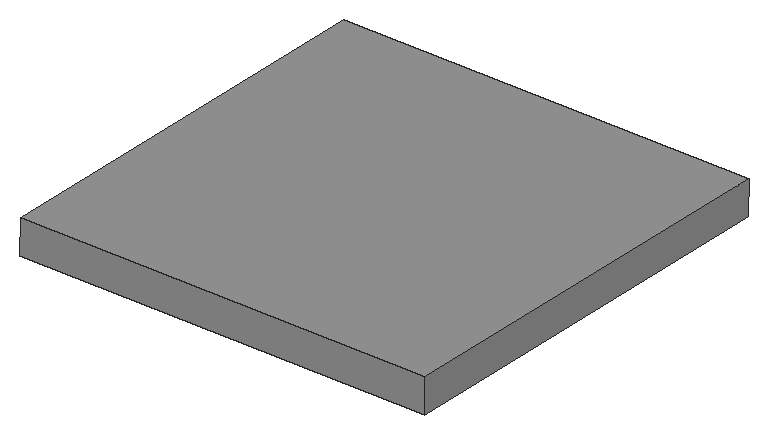
Revit family "HELIOS_33W_4000K_3200LM", category Lighting Fixtures, host Ceiling, Revit 2021
Family settings
  Host = Ceiling
  Round Connector Dimension = Use Diameter
  Part Type = Normal
  OmniClass Number = 23.80.70.11
  OmniClass Title = Luminaries for Internal Lighting
  Always vertical = Yes
  Cut with Voids When Loaded = No
  Light Source = Yes
  Shared = No
  Room Calculation Point = No
Parameters
  Wattage = 21.5427 W
  built-in parameter 1150110 = 1 (stored number, unit not read)
  Type de lampe = "LED Mid Power"
  Type = "Dalle LED"
  built-in parameter 1114217 = 1 (stored number, unit not read)
  Tilt Angle = 90.00°
  built-in parameter 1150109 = 1 (stored number, unit not read)
  built-in parameter 1150134 = 12
  built-in parameter 1150113 = 1 (stored number, unit not read)
  SDCM = "<3"
  Puissance nominale = "33W"
  Photometric Web File = "google_eulumdat_converter (14).ies"
  Matériau = "Acier galvanisé blanc"
  Maintien du flux = "L80B10 (50 000 heures)"
  Lumens = 3200 lm
  built-in parameter 1150115 = 1 (stored number, unit not read)
  built-in parameter 1150105 = 1213.9 (stored number, unit not read)
  built-in parameter 1150137 = (empty or 0)
  built-in parameter 1150139 = (empty or 0)
  built-in parameter 1150112 = 1 (stored number, unit not read)
  built-in parameter 1150114 = 1 (stored number, unit not read)
  built-in parameter 1150132 = 2
  built-in parameter 1150102 = (empty or 0)
  built-in parameter 1150138 = (empty or 0)
  built-in parameter 1150107 = 4000 (stored number, unit not read)
  built-in parameter 1150106 = 12.139 (stored number, unit not read)
  IRC = ">80"
  Emit from Rectangle Width = 609.60 mm
  Emit from Rectangle Length = 1219.20 mm
  Emit Shape Visible in Rendering = no
  built-in parameter 1150104 = 13.8 (stored number, unit not read)
  Durée de vie = "50 000 heures"
  Driver = "Driver Osram"
  Dimming Lamp Color Temperature Shift = <None>
  Dimensions = "596x596x50 mm"
  Diffuseur = "Microprismatique"
  Default Elevation = 0.00 mm
  Color Filter = 16777215
  built-in parameter 1114218 = 1 (stored number, unit not read)
  built-in parameter 1150133 = 10 (stored number, unit not read)
  Angle d'éclairage = "120°"
  Alimentation luminaire = "500 et 700mA"
  Alimentation Driver = "AC 220-240V"
Reference planes
  plane 1 "Light Source Axis (F/B)": y = 0
  plane 2 "Ceiling": z = 2438.4
  plane 3 "Light Source Axis (L/R)": x = 0
  plane 4 "Light Source Elevation": z = 2400.474
Forms (mm)
  Extrusion 1, solid, material "Steel, Galvanized"
    sketch origin (0, 0, 2400.474) x (0, -1, 0) y (1, 0, 0)
      loop
        line (-298, -298) -> (298, -298) -> (298, 298) -> (-298, 298) -> (-298, -298)
    from -12.074 to 37.926
  Extrusion 2, void
    sketch origin (0, 0, 0) x (1, 0, 0) y (0, 0, 1)
      loop
        line (-278, 2374.595) -> (-60, 2374.595) -> (-60, 2423.091) -> (-278, 2404.018) -> (-278, 2374.595)
    from -278 to 278
  Extrusion 3, void
    sketch origin (0, 0, 2400.474) x (0, -1, 0) y (1, 0, 0)
      loop
        line (-278, 0) -> (-278, -38) -> (278, -38) -> (278, 37.81) -> (-278, 37.81) -> (-278, 0)
    from -47.97 to 0
  Extrusion 4, void
    sketch origin (0, 0, 0) x (-1, 0, 0) y (0, 0, -1)
      loop
        line (-278, -2374.595) -> (-278, -2404.018) -> (-60, -2423.091) -> (-60, -2374.595) -> (-278, -2374.595)
    from -278 to 278
  Extrusion 5, void
    sketch origin (0, 0, 0) x (1, 0, 0) y (0, 0, 1)
      loop
        line (-65, 2423.091) -> (-65, 2410.655) -> (64.914, 2410.655) -> (64.914, 2423.091) -> (-65, 2423.091)
    from -278 to 278
Cuts and joins
  Extrusion 2, Extrusion 3, Extrusion 4, Extrusion 5 cuts Extrusion 1
Lines and regions (mm)
  reference lines
    curve 1: line (0, 0, 2400.474) -> (0, 298, 2400.474)
    curve 2: line (0, 298, 2400.474) -> (-298, 298, 2400.474)
    curve 3: line (-298, 298, 2400.474) -> (-298, -298, 2400.474)
    curve 4: line (-298, -298, 2400.474) -> (298, -298, 2400.474)
    curve 5: line (298, -298, 2400.474) -> (298, 298, 2400.474)
    curve 6: line (298, 298, 2400.474) -> (0, 298, 2400.474)
    curve 7: line (0, 0, 2438.4) -> (0, 0, 2388.4)
    curve 8: line (0, 0, 2388.4) -> (25, 0, 2388.4)
    curve 9: line (-298, 298, 2400.474) -> (-298, 278, 2400.474)
    curve 10: line (-298, 278, 2400.474) -> (-238, 278, 2400.474)
    curve 11: line (-298, -298, 2400.474) -> (-298, -278, 2400.474)
    curve 12: line (-298, -278, 2400.474) -> (-268, -278, 2400.474)
    curve 13: line (-298, -298, 2400.474) -> (-278, -298, 2400.474)
    curve 14: line (-278, -298, 2400.474) -> (-278, -278, 2400.474)
Dimensions and locks
  equal spacing: host sketch curve, plane 3 "Light Source Axis (L/R)", host sketch curve
  equal spacing: host sketch curve, plane 1 "Light Source Axis (F/B)", host sketch curve
  host sketch curve to host sketch curve = 3048.00 mm  (x2)
  aligned and locked: plane 3 "Light Source Axis (L/R)" to imposter light
  aligned and locked: plane 1 "Light Source Axis (F/B)" to imposter light
  aligned and locked: plane 4 "Light Source Elevation" to imposter light
